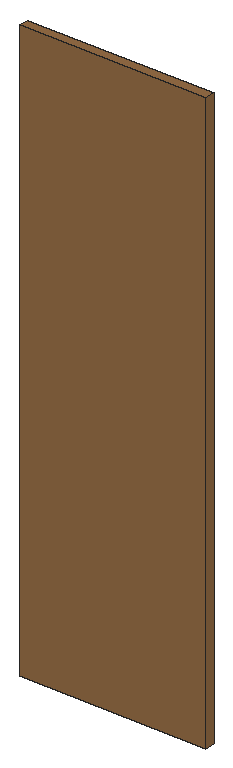
Revit family "Por_Cor", category Doors, host Wall, Revit 2025
Family settings
  Host = Wall
  OmniClass Number = 23.30.10.00
  OmniClass Title = Doors
  Always vertical = Yes
  Cut with Voids When Loaded = No
  Shared = No
  Room Calculation Point = Yes
Parameters (values of type "POR_060x210_CRR_BOX")
  Thickness = 0.00 mm
  Function = Interior
  Door Material = none
  Frame Material = CT_Porta_Folha
  Height = 2100.00 mm
  Trim Projection Ext = 25.00 mm
  Trim Projection Int = 25.00 mm
  Trim Width = 66.00 mm
  Wall Closure = By host
  Width = 600.00 mm
  Define Thermal Properties by = Schematic Type
  Analytic Construction = "<None>"
Types (10, lengths in mm): name | Thickness | Width
  POR_060x210_CRR_BOX | 0.00 | 600.00
  POR_100x210_CRR_ELV | 51.00 | 1000.00
  POR_250x210_CRR | 51.00 | 2500.00
  POR_165x210_CRR | 51.00 | 1650.00
  POR_140x210_CRR | 51.00 | 1400.00
  POR_120x210_CRR | 51.00 | 1200.00
  POR_080x210_CRR | 0.00 | 800.00
  POR_060x210_CRR | 0.00 | 600.00
  POR_070x210_CRR | 0.00 | 700.00
  POR_090x210_CRR | 51.00 | 900.00
Reference planes
  plane 1: y = 0
  plane 2: z = 0
  plane 3: x = 0
  plane 4: x = -300
  plane 5: x = 300
  plane 6: z = 2100
Forms (mm)
  Extrusion 1, solid, material "CT_Porta_Folha"
    sketch origin (0, 0, 0) x (1, 0, 0) y (0, 1, 0)
      loop
        line (-335, -76.2) -> (-335, -111.2) -> (334.391, -111.2) -> (334.391, -76.2) -> (-335, -76.2)
    from 0 to 2100
Lines and regions (mm)
  Opening 1
    outline origin (-1444, -76.2, 3657.6) x (0, 0, -1) y (1, 0, 0)
      loop
        line (1557.6, 1144) -> (3657.6, 1144) -> (3657.6, 1744) -> (1557.6, 1744) -> (1557.6, 1144)
Dimensions and locks
  equal spacing: plane 4, plane 3, plane 5
  "Width": plane 4 to plane 5
  "Height": plane 6 to plane 2
  locked: Extrusion 1 to Extrusion 1 at 35
  aligned and locked: Extrusion 1 to host wall
  aligned and locked: Extrusion 1 to plane 6
  aligned and locked: Extrusion 1 to level
Automatic sketch dimensions
  Opening 1 sketch curve to plane 6 = 0.00 mm
  Opening 1 sketch curve to level = 0.00 mm
  Opening 1 sketch curve to plane 4 = 0.00 mm
  Opening 1 sketch curve to plane 5 = 0.00 mm
  plane 4 to Extrusion 1 sketch curve = 35.00 mm
  Extrusion 1 sketch curve to plane 5 = 34.391 mm
  host wall to Extrusion 1 sketch curve = 35.00 mm
  Extrusion 1 sketch curve to Extrusion 1 sketch curve = 35.00 mm
